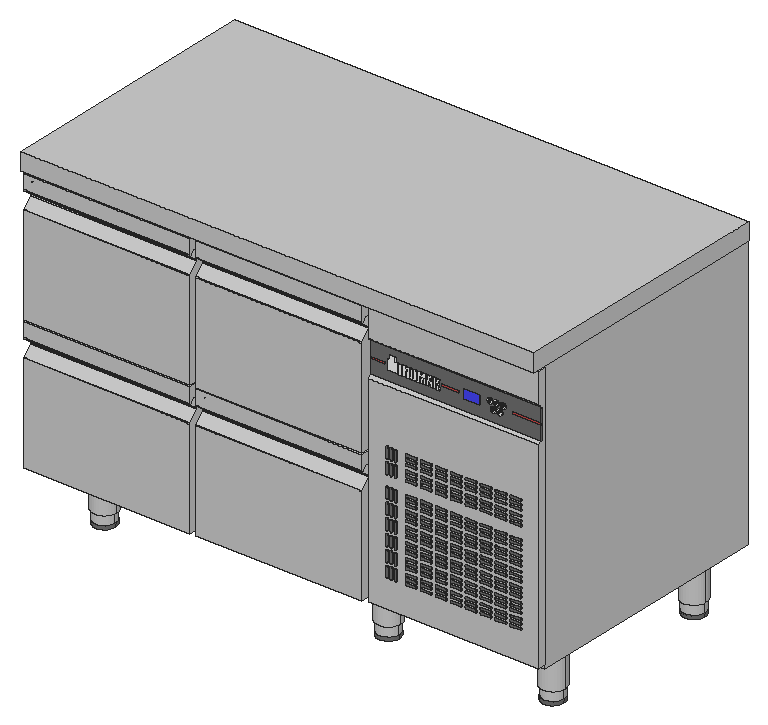
Revit family "QF_INOMAK_PNRP99_250611032759", category Specialty Equipment, Revit 2021 (continued)
Definition of nested family "QF_INOMAK_REF_COUNTERS_DOORS_DRAWERS_6956"
  Definition of nested family "3_Drawers_1-3"
    Forms (mm)
      Extrusion 6, solid, material <- "Finish", visible <- "3 Drawers"
        sketch origin (35, 0, -441.333) x (0, -1, 0) y (0, 0, 1)
          loop
            arc (666.663, 824.096) -> (665.976, 825.125) -> (665.734, 826.339) r 3.172
            line (665.734, 826.339) -> (665.734, 857.243)
            arc (665.734, 857.243) -> (666.433, 858.929) -> (668.119, 859.628) r 2.385
            line (668.119, 859.628) -> (680.029, 859.628) -> (686.544, 850.324)
            arc (686.544, 850.324) -> (688.671, 849.602) -> (690, 851.414) r 1.9
            line (690, 851.414) -> (690, 889.333) -> (648, 889.333) -> (648, 595.333) -> (690, 595.333)
        from 0 to -1130
    Lines and regions (mm)
      symbolic lines, visible <- "3 Drawers"
        curve 1: line (35, -850, 900) -> (35, -890, 900)
        curve 2: line (35, -890, 900) -> (1165, -890, 900)
        curve 3: line (1165, -890, 900) -> (1165, -850, 900)
        curve 4: line (1165, -850, 900) -> (35, -850, 900)
        curve 5: line (1135, -850, 900) -> (1135, -700, 900)
        curve 6: line (65, -850, 900) -> (65, -700, 900)
        curve 7: line (35, -1040, 900) -> (35, -1080, 900)
        curve 8: line (35, -1080, 900) -> (1165, -1080, 900)
        curve 9: line (1165, -1080, 900) -> (1165, -1040, 900)
        curve 10: line (1165, -1040, 900) -> (35, -1040, 900)
        curve 11: line (1135, -1040, 900) -> (1135, -890, 900)
        curve 12: line (65, -1040, 900) -> (65, -890, 900)
        curve 13: line (35, -1225, 900) -> (35, -1265, 900)
        curve 14: line (35, -1265, 900) -> (1165, -1265, 900)
        curve 15: line (1165, -1265, 900) -> (1165, -1225, 900)
        curve 16: line (1165, -1225, 900) -> (35, -1225, 900)
        curve 17: line (1135, -1225, 900) -> (1135, -1080, 900)
        curve 18: line (65, -1225, 900) -> (65, -1080, 900)
    Dimensions and locks
      "Length Actual": plane 3 "Left" to plane 4 "Right"
      "Depth Actual": plane 5 "Front" to plane 1 "Back"
      "Height Actual": plane 6 "Top" to plane 8 "Legs top"
      "Front inset": plane 7 "Front legs" to plane 5 "Front"
      "Plinth height": plane 8 "Legs top" to plane 2
      "Rear inset": plane 9 "Backsplash thickness" to plane 1 "Back"
      "Right panel thickness": plane 11 "Right panel" to plane 4 "Right"
      "Left panel thickness": plane 3 "Left" to plane 10 "Left panel"
      plane 14 to plane 15 = 4.667 mm
      equal spacing: plane 14, plane 12, plane 15
      locked: plane 16 to plane 13 at 2
      equal spacing: plane 18, plane 17, plane 19
      plane 18 to plane 19 = 5.333 mm
      "Bottom inset": plane 20 to plane 8 "Legs top"
      equal spacing: plane 21, plane 17, plane 12, plane 16
      "Top inset": plane 13 to plane 6 "Top"
      locked: plane 21 to plane 20 at 2
      aligned and locked: level to plane 2
      aligned and locked: Extrusion 1 to plane 11 "Right panel"
      aligned and locked: plane 10 "Left panel" to curve 1
      aligned and locked: plane 10 "Left panel" to curve 7
      aligned and locked: plane 10 "Left panel" to curve 13
      aligned and locked: Extrusion 2 sketch curve to plane 10 "Left panel"
      aligned and locked: plane 11 "Right panel" to Extrusion 2 sketch curve
      aligned and locked: Extrusion 3 sketch curve to plane 10 "Left panel"
      aligned and locked: plane 11 "Right panel" to Extrusion 3 sketch curve
      aligned and locked: Extrusion 4 sketch curve to plane 10 "Left panel"
      aligned and locked: plane 11 "Right panel" to Extrusion 4 sketch curve
      aligned and locked: Extrusion 2 to plane 13
      aligned and locked: Extrusion 3 to plane 15
      aligned and locked: Extrusion 4 to plane 19
      aligned and locked: Extrusion 5 to plane 11 "Right panel"
      aligned and locked: Extrusion 6 to plane 11 "Right panel"
      aligned and locked: Extrusion 1 sketch curve to plane 13
      aligned and locked: Extrusion 1 sketch curve to plane 7 "Front legs"
      aligned and locked: plane 18 to Extrusion 5 sketch curve
      aligned and locked: Extrusion 6 sketch curve to Extrusion 4  (x2)
      aligned and locked: Extrusion 5 sketch curve to plane 15
      aligned and locked: Extrusion 4 to Extrusion 5 sketch curve
      aligned and locked: Extrusion 6 sketch curve to plane 19
      aligned and locked: Extrusion 6 sketch curve to plane 20
    Automatic sketch dimensions
      Extrusion 2 sketch curve to plane 7 "Front legs" = 0 mm
      Extrusion 2 sketch curve to plane 5 "Front" = 565.045 mm
      Extrusion 3 sketch curve to plane 7 "Front legs" = 0 mm
      Extrusion 3 sketch curve to plane 5 "Front" = 565.045 mm
      Extrusion 4 sketch curve to plane 7 "Front legs" = 0 mm
      Extrusion 4 sketch curve to plane 5 "Front" = 565.045 mm
      curve 14 to plane 11 "Right panel" = 0 mm
      curve 8 to plane 11 "Right panel" = 0 mm
      curve 3 to plane 11 "Right panel" = 0 mm
      curve 6 to plane 5 "Front" = 0 mm
      curve 5 to plane 5 "Front" = 0 mm
      curve 1 to plane 5 "Front" = 150 mm
      curve 2 to curve 3 = 40 mm
      curve 10 to curve 1 = 150 mm
      curve 9 to curve 9 = 40 mm
      curve 13 to curve 7 = 145 mm
      curve 14 to curve 13 = 40 mm
      curve 3 to curve 5 = 30 mm
      curve 15 to curve 17 = 30 mm
      curve 11 to curve 17 = 0 mm
      curve 6 to plane 10 "Left panel" = 30 mm
      curve 18 to plane 10 "Left panel" = 30 mm
      curve 12 to curve 18 = 0 mm
      Extrusion 1 sketch curve to plane 14 = 0 mm
      Extrusion 1 sketch curve to plane 7 "Front legs" = 0 mm
      plane 7 "Front legs" to Extrusion 1 sketch curve = 0.515 mm
      plane 7 "Front legs" to Extrusion 1 sketch curve = 1.757 mm
      plane 7 "Front legs" to Extrusion 1 sketch curve = 1.9 mm
      Extrusion 1 sketch curve to Extrusion 1 sketch curve = 1.556 mm
      plane 7 "Front legs" to Extrusion 1 sketch curve = 9.971 mm
      plane 7 "Front legs" to Extrusion 1 sketch curve = 21.094 mm
      Extrusion 1 sketch curve to Extrusion 1 sketch curve = 11.91 mm
      Extrusion 1 sketch curve to Extrusion 1 sketch curve = 2.243 mm
      Extrusion 1 sketch curve to Extrusion 1 sketch curve = 2.385 mm
      Extrusion 1 sketch curve to Extrusion 1 sketch curve = 20.119 mm
      plane 13 to Extrusion 1 sketch curve = 85.635 mm
      Extrusion 1 sketch curve to Extrusion 1 sketch curve = 22.822 mm
      Extrusion 1 sketch curve to Extrusion 1 sketch curve = 19.985 mm
      Extrusion 1 sketch curve to Extrusion 1 sketch curve = 6.919 mm
      plane 15 to Extrusion 5 sketch curve = 59.328 mm
      Extrusion 5 sketch curve to Extrusion 5 sketch curve = 17.734 mm
      plane 15 to Extrusion 5 sketch curve = 61.571 mm
      Extrusion 5 sketch curve to Extrusion 5 sketch curve = 0.929 mm
      Extrusion 5 sketch curve to Extrusion 5 sketch curve = 2.385 mm
      Extrusion 5 sketch curve to Extrusion 5 sketch curve = 11.91 mm
      Extrusion 5 sketch curve to Extrusion 5 sketch curve = 6.515 mm
      Extrusion 5 sketch curve to Extrusion 5 sketch curve = 1.556 mm
      Extrusion 5 sketch curve to Extrusion 5 sketch curve = 21.58 mm
      plane 15 to Extrusion 5 sketch curve = 84.393 mm
      Extrusion 5 sketch curve to Extrusion 5 sketch curve = 1.242 mm
      Extrusion 5 sketch curve to Extrusion 5 sketch curve = 1.9 mm
      Extrusion 5 sketch curve to Extrusion 5 sketch curve = 0.515 mm
      Extrusion 5 sketch curve to Extrusion 5 sketch curve = 6.919 mm
      Extrusion 5 sketch curve to Extrusion 5 sketch curve = 30.039 mm
      plane 7 "Front legs" to Extrusion 6 sketch curve = 0.515 mm
      plane 7 "Front legs" to Extrusion 6 sketch curve = 1.757 mm
      plane 7 "Front legs" to Extrusion 6 sketch curve = 1.9 mm
      Extrusion 6 sketch curve to Extrusion 6 sketch curve = 1.556 mm
      plane 7 "Front legs" to Extrusion 6 sketch curve = 9.971 mm
      plane 7 "Front legs" to Extrusion 6 sketch curve = 21.094 mm
      Extrusion 6 sketch curve to Extrusion 6 sketch curve = 11.91 mm
      Extrusion 6 sketch curve to Extrusion 6 sketch curve = 2.243 mm
      Extrusion 6 sketch curve to Extrusion 6 sketch curve = 2.385 mm
      Extrusion 6 sketch curve to Extrusion 6 sketch curve = 20.119 mm
      plane 19 to Extrusion 6 sketch curve = 89.302 mm
      Extrusion 6 sketch curve to Extrusion 6 sketch curve = 22.822 mm
      Extrusion 6 sketch curve to Extrusion 6 sketch curve = 23.985 mm
      Extrusion 6 sketch curve to Extrusion 6 sketch curve = 6.919 mm
  Definition of nested family "2_Drawers_1-2"
    Parameters (values of type "2 Drawers 1-2")
      URL = "www.specifiglobal.com"
      Top inset [instance] = 4 mm
      Right panel thickness [instance] = 35 mm
      Rear inset [instance] = 10 mm
      Plinth height [instance] = 150 mm
      Model = ""
      Manufacturer = "DEMO CONSULTANT"
      Length Actual [instance] = 1200 mm
      Left panel thickness [instance] = 35 mm
      Height Actual [instance] = 900 mm
      Front inset [instance] = 10 mm
      Finish = none
      Doors drawers type [instance] = 4
      Description = ""
      Depth Actual [instance] = 700 mm
      Default Elevation = 0 mm
      Bottom inset [instance] = 4 mm
      Assembly Code = "E1090320"
      2 Drawers [instance] = Doors drawers type = 4  # yes
    Reference planes
      plane 1 "Back": y = 0
      plane 2: z = 0
      plane 3 "Left": x = 0
      plane 4 "Right": x = 1200
      plane 5 "Front": y = -700
      plane 6 "Top": z = 1050
      plane 7 "Front legs": y = -690
      plane 8 "Legs top": z = 150
      plane 9 "Backsplash thickness": y = -10
      plane 10 "Left panel": x = 35
      plane 11 "Right panel": x = 1165
      plane 12: z = 600
      plane 13: z = 1046
      plane 14: z = 602
      plane 15: z = 598
      plane 16: z = 154
    Forms (mm)
      Extrusion 1, solid, material <- "Finish", visible <- "2 Drawers"
        sketch origin (35, 0, 0) x (0, -1, 0) y (0, 0, 1)
          loop
            line (690, 602) -> (690, 960.365)
            arc (690, 960.365) -> (689.866, 961.037) -> (689.485, 961.607) r 1.757
            line (689.485, 961.607) -> (666.663, 984.429)
            arc (666.663, 984.429) -> (665.976, 985.458) -> (665.734, 986.672) r 3.172
            line (665.734, 986.672) -> (665.734, 1013.576)
            arc (665.734, 1013.576) -> (666.433, 1015.262) -> (668.119, 1015.961) r 2.385
            line (668.119, 1015.961) -> (680.029, 1015.961) -> (686.544, 1006.657)
            arc (686.544, 1006.657) -> (688.671, 1005.935) -> (690, 1007.747) r 1.9
            line (690, 1007.747) -> (690, 1046) -> (648, 1046) -> (648, 602) -> (690, 602)
        from 0 to -1130
      Extrusion 2, solid, visible <- "2 Drawers", detail levels coarse
        sketch origin (0, -640.463, 602) x (0, 1, 0) y (-1, 0, 0)
          loop
            line (-49.537, -35) -> (-624.537, -35) -> (-624.537, -1165) -> (-49.537, -1165) -> (-49.537, -35)
        from 0 to 444
      Extrusion 3, solid, visible <- "2 Drawers", detail levels coarse
        sketch origin (0, -700, 154) x (-1, 0, 0) y (0, 1, 0)
          loop
            line (-35, 10) -> (-1165, 10) -> (-1165, -565) -> (-35, -565) -> (-35, 10)
        from 0 to -444
      Extrusion 4, solid, material <- "Finish", visible <- "2 Drawers"
        sketch origin (35, 0, -441.333) x (0, -1, 0) y (0, 0, 1)
          loop
            line (690, 595.333) -> (690, 953.698)
            arc (690, 953.698) -> (689.866, 954.37) -> (689.485, 954.94) r 1.757
            line (689.485, 954.94) -> (666.663, 977.763)
            arc (666.663, 977.763) -> (665.976, 978.792) -> (665.734, 980.006) r 3.172
            line (665.734, 980.006) -> (665.734, 1006.909)
            arc (665.734, 1006.909) -> (666.433, 1008.596) -> (668.119, 1009.294) r 2.385
            line (668.119, 1009.294) -> (680.029, 1009.294) -> (686.544, 999.991)
            arc (686.544, 999.991) -> (688.671, 999.268) -> (690, 1001.08) r 1.9
            line (690, 1001.08) -> (690, 1039.333) -> (648, 1039.333) -> (648, 595.333) -> (690, 595.333)
        from 0 to -1130
    Lines and regions (mm)
      symbolic lines, visible <- "2 Drawers"
        curve 1: line (35, -940, 900) -> (35, -980, 900)
        curve 2: line (35, -980, 900) -> (1165, -980, 900)
        curve 3: line (1165, -980, 900) -> (1165, -940, 900)
        curve 4: line (1165, -940, 900) -> (35, -940, 900)
        curve 5: line (1135, -940, 900) -> (1135, -700, 900)
        curve 6: line (65, -940, 900) -> (65, -700, 900)
        curve 7: line (35, -1225, 900) -> (35, -1265, 900)
        curve 8: line (35, -1265, 900) -> (1165, -1265, 900)
        curve 9: line (1165, -1265, 900) -> (1165, -1225, 900)
        curve 10: line (1165, -1225, 900) -> (35, -1225, 900)
        curve 11: line (1135, -1225, 900) -> (1135, -980, 900)
        curve 12: line (65, -1225, 900) -> (65, -980, 900)
    Dimensions and locks
      "Length Actual": plane 3 "Left" to plane 4 "Right"
      "Depth Actual": plane 5 "Front" to plane 1 "Back"
      "Height Actual": plane 6 "Top" to plane 8 "Legs top"
      "Front inset": plane 7 "Front legs" to plane 5 "Front"
      "Plinth height": plane 8 "Legs top" to plane 2
      "Rear inset": plane 9 "Backsplash thickness" to plane 1 "Back"
      "Right panel thickness": plane 11 "Right panel" to plane 4 "Right"
      "Left panel thickness": plane 3 "Left" to plane 10 "Left panel"
      "Top inset": plane 6 "Top" to plane 13
      "Bottom inset": plane 16 to plane 8 "Legs top"
      equal spacing: plane 16, plane 12, plane 13
      locked: plane 14 to plane 12 at 2
      locked: plane 15 to plane 12 at 2
      aligned and locked: level to plane 2
      aligned and locked: Extrusion 1 to plane 11 "Right panel"
      aligned and locked: plane 10 "Left panel" to curve 1
      aligned and locked: plane 10 "Left panel" to curve 7
      aligned and locked: Extrusion 2 sketch curve to plane 10 "Left panel"
      aligned and locked: plane 11 "Right panel" to Extrusion 2 sketch curve
      aligned and locked: Extrusion 3 sketch curve to plane 10 "Left panel"
      aligned and locked: plane 11 "Right panel" to Extrusion 3 sketch curve
      aligned and locked: Extrusion 2 to plane 13
      aligned and locked: Extrusion 4 to plane 11 "Right panel"
      aligned and locked: Extrusion 3 to plane 15
      aligned and locked: Extrusion 1 sketch curve to plane 13
      aligned and locked: Extrusion 1 sketch curve to plane 7 "Front legs"
      aligned and locked: plane 14 to Extrusion 1 sketch curve
      aligned and locked: Extrusion 4 sketch curve to plane 15
      aligned and locked: Extrusion 4 sketch curve to plane 7 "Front legs"
      aligned and locked: Extrusion 4 sketch curve to plane 16
    Automatic sketch dimensions
      Extrusion 2 sketch curve to plane 7 "Front legs" = 0 mm
      Extrusion 2 sketch curve to plane 5 "Front" = 565 mm
      Extrusion 3 sketch curve to plane 7 "Front legs" = 0 mm
      Extrusion 3 sketch curve to plane 5 "Front" = 565 mm
      curve 9 to plane 11 "Right panel" = 0 mm
      curve 2 to plane 11 "Right panel" = 0 mm
      curve 5 to plane 5 "Front" = 0 mm
      curve 6 to plane 5 "Front" = 0 mm
      curve 1 to plane 5 "Front" = 240 mm
      curve 3 to curve 3 = 40 mm
      curve 7 to curve 1 = 245 mm
      curve 8 to curve 9 = 40 mm
      plane 11 "Right panel" to curve 5 = 30 mm
      curve 2 to curve 11 = 30 mm
      curve 6 to plane 10 "Left panel" = 30 mm
      curve 12 to plane 10 "Left panel" = 30 mm
      Extrusion 1 sketch curve to Extrusion 1 sketch curve = 17.734 mm
      Extrusion 1 sketch curve to Extrusion 1 sketch curve = 0.929 mm
      Extrusion 1 sketch curve to Extrusion 1 sketch curve = 2.385 mm
      Extrusion 1 sketch curve to Extrusion 1 sketch curve = 3.172 mm
      Extrusion 1 sketch curve to Extrusion 1 sketch curve = 11.91 mm
      Extrusion 1 sketch curve to Extrusion 1 sketch curve = 6.515 mm
      Extrusion 1 sketch curve to Extrusion 1 sketch curve = 1.556 mm
      Extrusion 1 sketch curve to Extrusion 1 sketch curve = 21.58 mm
      Extrusion 1 sketch curve to Extrusion 1 sketch curve = 1.242 mm
      Extrusion 1 sketch curve to Extrusion 1 sketch curve = 1.9 mm
      Extrusion 1 sketch curve to Extrusion 1 sketch curve = 0.515 mm
      Extrusion 1 sketch curve to Extrusion 1 sketch curve = 22.822 mm
      Extrusion 1 sketch curve to Extrusion 1 sketch curve = 19.985 mm
      Extrusion 1 sketch curve to Extrusion 1 sketch curve = 6.919 mm
      Extrusion 1 sketch curve to Extrusion 1 sketch curve = 30.039 mm
      Extrusion 4 sketch curve to plane 7 "Front legs" = 0 mm
      plane 7 "Front legs" to Extrusion 4 sketch curve = 0.515 mm
      plane 7 "Front legs" to Extrusion 4 sketch curve = 1.757 mm
      plane 7 "Front legs" to Extrusion 4 sketch curve = 1.9 mm
      Extrusion 4 sketch curve to Extrusion 4 sketch curve = 1.556 mm
      plane 7 "Front legs" to Extrusion 4 sketch curve = 9.971 mm
      plane 7 "Front legs" to Extrusion 4 sketch curve = 21.094 mm
      Extrusion 4 sketch curve to Extrusion 4 sketch curve = 11.91 mm
      Extrusion 4 sketch curve to Extrusion 4 sketch curve = 2.243 mm
      Extrusion 4 sketch curve to Extrusion 4 sketch curve = 2.385 mm
      Extrusion 4 sketch curve to Extrusion 4 sketch curve = 20.119 mm
      Extrusion 4 sketch curve to Extrusion 4 sketch curve = 22.822 mm
      Extrusion 4 sketch curve to Extrusion 4 sketch curve = 19.985 mm
      Extrusion 4 sketch curve to Extrusion 4 sketch curve = 6.919 mm
      Extrusion 4 sketch curve to Extrusion 4 sketch curve = 30.039 mm
  Definition of nested family "2_Drawers_1-3_2-3"
    Parameters (values of type "2 Drawers 1-3 and 2-3")
      URL = "www.specifiglobal.com"
      Top inset [instance] = 4 mm
      Right panel thickness [instance] = 35 mm
      Rear inset [instance] = 10 mm
      Plinth height [instance] = 150 mm
      Model = ""
      Manufacturer = "DEMO CONSULTANT"
      Length Actual [instance] = 1200 mm
      Left panel thickness [instance] = 35 mm
      Height Actual [instance] = 900 mm
      Front inset [instance] = 10 mm
      Finish = none
      Doors drawers type [instance] = 5
      Description = ""
      Depth Actual [instance] = 700 mm
      Default Elevation = 0 mm
      Bottom inset [instance] = 4 mm
      Assembly Code = "E1090320"
      2 Drawers 1-3 and 2-3 [instance] = Doors drawers type = 5  # yes
    Reference planes
      plane 1 "Back": y = 0
      plane 2: z = 0
      plane 3 "Left": x = 0
      plane 4 "Right": x = 1200
      plane 5 "Front": y = -700
      plane 6 "Top": z = 1050
      plane 7 "Front legs": y = -690
      plane 8 "Legs top": z = 150
      plane 9 "Backsplash thickness": y = -10
      plane 10 "Left panel": x = 35
      plane 11 "Right panel": x = 1165
      plane 12: z = 1046
      plane 13: z = 751.833
      plane 14: z = 746.833
      plane 15: z = 154
      plane 16: z = 450.667
      plane 17: z = 152
      plane 18: z = 1048
      plane 19: z = 749.333
    Forms (mm)
      Extrusion 1, solid, material <- "Finish", visible <- "2 Drawers 1-3 and 2-3"
        sketch origin (35, 0, 0) x (0, -1, 0) y (0, 0, 1)
          loop
            line (690, 751.833) -> (690, 960.365)
            arc (690, 960.365) -> (689.866, 961.037) -> (689.485, 961.607) r 1.757
            line (689.485, 961.607) -> (666.663, 984.429)
            arc (666.663, 984.429) -> (665.976, 985.458) -> (665.734, 986.672) r 3.172
            line (665.734, 986.672) -> (665.734, 1013.576)
            arc (665.734, 1013.576) -> (666.433, 1015.262) -> (668.119, 1015.961) r 2.385
            line (668.119, 1015.961) -> (680.029, 1015.961) -> (686.544, 1006.657)
            arc (686.544, 1006.657) -> (688.671, 1005.935) -> (690, 1007.747) r 1.9
            line (690, 1007.747) -> (690, 1046) -> (648, 1046) -> (648, 751.833) -> (690, 751.833)
        from 0 to -1130
      Extrusion 2, solid, visible <- "2 Drawers 1-3 and 2-3", detail levels coarse
        sketch origin (0, -640.463, 751.833) x (0, 1, 0) y (-1, 0, 0)
          loop
            line (-49.537, -35) -> (-624.537, -35) -> (-624.537, -1165) -> (-49.537, -1165) -> (-49.537, -35)
        from 0 to 294.167
      Extrusion 3, solid, visible <- "2 Drawers 1-3 and 2-3", detail levels coarse
        sketch origin (0, -700, 154) x (-1, 0, 0) y (0, 1, 0)
          loop
            line (-35, 10) -> (-1165, 10) -> (-1165, -565) -> (-35, -565) -> (-35, 10)
        from 0 to -592.833
      Extrusion 4, solid, material <- "Finish", visible <- "2 Drawers 1-3 and 2-3"
        sketch origin (35, 0, -441.333) x (0, -1, 0) y (0, 0, 1)
          loop
            line (690, 595.333) -> (690, 1101.698)
            arc (690, 1101.698) -> (689.866, 1102.37) -> (689.485, 1102.94) r 1.757
            line (689.485, 1102.94) -> (666.663, 1126.596)
            arc (666.663, 1126.596) -> (665.976, 1127.625) -> (665.734, 1128.839) r 3.172
            line (665.734, 1128.839) -> (665.734, 1155.743)
            arc (665.734, 1155.743) -> (666.433, 1157.429) -> (668.119, 1158.128) r 2.385
            line (668.119, 1158.128) -> (680.029, 1158.128) -> (686.544, 1148.824)
            arc (686.544, 1148.824) -> (688.671, 1148.102) -> (690, 1149.914) r 1.9
            line (690, 1149.914) -> (690, 1188.167) -> (648, 1188.167) -> (648, 595.333) -> (690, 595.333)
        from 0 to -1130
    Lines and regions (mm)
      symbolic lines, visible <- "2 Drawers 1-3 and 2-3"
        curve 1: line (35, -1000, 900) -> (35, -1040, 900)
        curve 2: line (35, -1040, 900) -> (1165, -1040, 900)
        curve 3: line (1165, -1040, 900) -> (1165, -1000, 900)
        curve 4: line (1165, -1000, 900) -> (35, -1000, 900)
        curve 5: line (1135, -1000, 900) -> (1135, -700, 900)
        curve 6: line (65, -1000, 900) -> (65, -700, 900)
        curve 7: line (35, -1225, 900) -> (35, -1265, 900)
        curve 8: line (35, -1265, 900) -> (1165, -1265, 900)
        curve 9: line (1165, -1265, 900) -> (1165, -1225, 900)
        curve 10: line (1165, -1225, 900) -> (35, -1225, 900)
        curve 11: line (1135, -1225, 900) -> (1135, -1040, 900)
        curve 12: line (65, -1225, 900) -> (65, -1040, 900)
    Dimensions and locks
      "Length Actual": plane 3 "Left" to plane 4 "Right"
      "Depth Actual": plane 5 "Front" to plane 1 "Back"
      "Height Actual": plane 6 "Top" to plane 8 "Legs top"
      "Front inset": plane 7 "Front legs" to plane 5 "Front"
      "Plinth height": plane 8 "Legs top" to plane 2
      "Rear inset": plane 9 "Backsplash thickness" to plane 1 "Back"
      "Right panel thickness": plane 11 "Right panel" to plane 4 "Right"
      "Left panel thickness": plane 3 "Left" to plane 10 "Left panel"
      "Top inset": plane 6 "Top" to plane 12
      locked: plane 13 to plane 14 at 5
      "Bottom inset": plane 15 to plane 8 "Legs top"
      equal spacing: plane 17, plane 16, plane 19, plane 18
      equal spacing: plane 12, plane 18, plane 6 "Top"
      equal spacing: plane 14, plane 19, plane 13
      equal spacing: plane 15, plane 17, plane 8 "Legs top"
      aligned and locked: level to plane 2
      aligned and locked: Extrusion 1 to plane 11 "Right panel"
      aligned and locked: plane 10 "Left panel" to curve 1
      aligned and locked: plane 10 "Left panel" to curve 7
      aligned and locked: Extrusion 2 sketch curve to plane 10 "Left panel"
      aligned and locked: plane 11 "Right panel" to Extrusion 2 sketch curve
      aligned and locked: Extrusion 3 sketch curve to plane 10 "Left panel"
      aligned and locked: plane 11 "Right panel" to Extrusion 3 sketch curve
      aligned and locked: Extrusion 2 to plane 12
      aligned and locked: Extrusion 4 to plane 11 "Right panel"
      aligned and locked: Extrusion 3 to plane 14
      aligned and locked: plane 13 to Extrusion 1 sketch curve
      aligned and locked: Extrusion 2 to Extrusion 1 sketch curve
      aligned and locked: Extrusion 3 to Extrusion 4 sketch curve
      aligned and locked: Extrusion 4 sketch curve to Extrusion 3  (x2)
      aligned and locked: Extrusion 1 sketch curve to plane 7 "Front legs"
    Automatic sketch dimensions
      Extrusion 2 sketch curve to plane 7 "Front legs" = 0 mm
      Extrusion 2 sketch curve to plane 5 "Front" = 565 mm
      Extrusion 3 sketch curve to plane 7 "Front legs" = 0 mm
      Extrusion 3 sketch curve to plane 5 "Front" = 565 mm
      curve 9 to plane 11 "Right panel" = 0 mm
      curve 2 to plane 11 "Right panel" = 0 mm
      curve 5 to plane 5 "Front" = 0 mm
      curve 6 to plane 5 "Front" = 0 mm
      curve 1 to plane 5 "Front" = 300 mm
      curve 3 to curve 3 = 40 mm
      curve 7 to curve 1 = 185 mm
      curve 8 to curve 9 = 40 mm
      plane 11 "Right panel" to curve 5 = 30 mm
      curve 11 to curve 5 = 0 mm
      curve 6 to plane 10 "Left panel" = 30 mm
      curve 12 to curve 6 = 0 mm
      Extrusion 1 sketch curve to plane 7 "Front legs" = 0 mm
      plane 7 "Front legs" to Extrusion 1 sketch curve = 0.515 mm
      plane 7 "Front legs" to Extrusion 1 sketch curve = 1.757 mm
      plane 7 "Front legs" to Extrusion 1 sketch curve = 1.9 mm
      Extrusion 1 sketch curve to Extrusion 1 sketch curve = 1.556 mm
      plane 7 "Front legs" to Extrusion 1 sketch curve = 9.971 mm
      plane 7 "Front legs" to Extrusion 1 sketch curve = 21.094 mm
      Extrusion 1 sketch curve to Extrusion 1 sketch curve = 11.91 mm
      Extrusion 1 sketch curve to Extrusion 1 sketch curve = 2.243 mm
      Extrusion 1 sketch curve to Extrusion 1 sketch curve = 2.385 mm
      Extrusion 1 sketch curve to Extrusion 1 sketch curve = 20.119 mm
      plane 12 to Extrusion 1 sketch curve = 85.635 mm
      Extrusion 1 sketch curve to Extrusion 1 sketch curve = 22.822 mm
      Extrusion 1 sketch curve to Extrusion 1 sketch curve = 19.985 mm
      Extrusion 1 sketch curve to Extrusion 1 sketch curve = 6.919 mm
      plane 12 to Extrusion 1 sketch curve = 0 mm
      Extrusion 4 sketch curve to plane 7 "Front legs" = 0 mm
      plane 7 "Front legs" to Extrusion 4 sketch curve = 0.515 mm
      plane 7 "Front legs" to Extrusion 4 sketch curve = 1.9 mm
      Extrusion 4 sketch curve to Extrusion 4 sketch curve = 1.556 mm
      plane 7 "Front legs" to Extrusion 4 sketch curve = 9.971 mm
      plane 7 "Front legs" to Extrusion 4 sketch curve = 21.094 mm
      Extrusion 4 sketch curve to Extrusion 4 sketch curve = 11.91 mm
      Extrusion 4 sketch curve to Extrusion 4 sketch curve = 2.243 mm
      Extrusion 4 sketch curve to Extrusion 4 sketch curve = 2.385 mm
      Extrusion 4 sketch curve to Extrusion 4 sketch curve = 20.119 mm
      Extrusion 4 sketch curve to Extrusion 4 sketch curve = 86.469 mm
      Extrusion 4 sketch curve to Extrusion 4 sketch curve = 23.656 mm
      Extrusion 4 sketch curve to Extrusion 4 sketch curve = 19.985 mm
      Extrusion 4 sketch curve to Extrusion 4 sketch curve = 6.919 mm
      plane 7 "Front legs" to Extrusion 4 sketch curve = 1.757 mm
  Definition of nested family "Sliding_Doors"
    Parameters (values of type "Sliding doors")
      URL = "www.specifiglobal.com"
      Top inset [instance] = 4 mm
      Sliding doors [instance] = Doors drawers type = 2  # yes
      Right panel thickness [instance] = 35 mm
      Rear inset [instance] = 10 mm
      Plinth height [instance] = 150 mm
      Model = ""
      Manufacturer = "DEMO CONSULTANT"
      Length Actual [instance] = 1200 mm
      Left panel thickness [instance] = 35 mm
      Height Actual [instance] = 900 mm
      Front inset [instance] = 10 mm
      Finish [instance] = none
      Doors drawers type [instance] = 2
      Description = ""
      Depth Actual [instance] = 700 mm
      Default Elevation = 0 mm
      Bottom inset [instance] = 4 mm
      Assembly Code = "E1090320"
    Reference planes
      plane 1 "Back": y = 0
      plane 2: z = 0
      plane 3 "Left": x = 0
      plane 4 "Right": x = 1200
      plane 5 "Front": y = -700
      plane 6 "Top": z = 1050
      plane 7 "Front legs": y = -690
      plane 8 "Legs top": z = 150
      plane 9 "Backsplash thickness": y = -10
      plane 10: x = 35
      plane 11: x = 1165
      plane 12 "Center Left-Right": x = 600
      plane 13: z = 154
      plane 14: z = 1046
    Forms (mm)
      Extrusion 1, solid, material <- "Finish", visible <- "Sliding doors"
        sketch origin (0, -690, 154) x (-1, 0, 0) y (0, 1, 0)
          loop
            line (-35, 10) -> (-35, 20) -> (-620, 20) -> (-620, 0) -> (-91.156, 0)
            arc (-91.156, 0) -> (-85.272, 0.885) -> (-79.91, 3.461) r 20
            line (-79.91, 3.461) -> (-60, 17) -> (-38, 17) -> (-38, 10)
            arc (-38, 10) -> (-40.05, 5.05) -> (-45, 3) r 7
            line (-45, 3) -> (-50.012, 3) -> (-50.012, 0) -> (-45, 0)
            arc (-45, 0) -> (-37.929, 2.929) -> (-35, 10) r 10
        from 0 to -892
      Extrusion 2, solid, material <- "Finish", visible <- "Sliding doors"
        sketch origin (0, -689, 154) x (-1, 0, 0) y (0, 1, 0)
          loop
            arc (-1065, 30) -> (-1062.071, 22.929) -> (-1055, 20) r 10
            line (-1055, 20) -> (-1049.988, 20) -> (-1049.988, 23) -> (-1055, 23)
            arc (-1055, 23) -> (-1059.95, 25.05) -> (-1062, 30) r 7
            line (-1062, 30) -> (-1062, 37) -> (-1040, 37) -> (-1020.09, 23.461)
            arc (-1020.09, 23.461) -> (-1014.728, 20.885) -> (-1008.844, 20) r 20
            line (-1008.844, 20) -> (-480, 20) -> (-480, 40) -> (-1065, 40) -> (-1065, 30)
        from 0 to -892
    Lines and regions (mm)
      symbolic lines, visible <- "Sliding doors"
        curve 1: line (1065, -649, 150) -> (480, -649, 150)
        curve 2: line (1065, -669, 150) -> (1065, -649, 150)
        curve 3: line (480, -669, 150) -> (1065, -669, 150)
        curve 4: line (480, -649, 150) -> (480, -669, 150)
        curve 5: line (620, -690, 150) -> (35, -690, 150)
        curve 6: line (620, -670, 150) -> (620, -690, 150)
        curve 7: line (35, -670, 150) -> (620, -670, 150)
        curve 8: line (35, -690, 150) -> (35, -670, 150)
    Dimensions and locks
      "Length Actual": plane 3 "Left" to plane 4 "Right"
      "Depth Actual": plane 5 "Front" to plane 1 "Back"
      "Height Actual": plane 6 "Top" to plane 8 "Legs top"
      "Front inset": plane 7 "Front legs" to plane 5 "Front"
      "Plinth height": plane 8 "Legs top" to plane 2
      "Rear inset": plane 9 "Backsplash thickness" to plane 1 "Back"
      "Right panel thickness": plane 11 to plane 4 "Right"
      "Left panel thickness": plane 3 "Left" to plane 10
      equal spacing: plane 10, plane 12 "Center Left-Right", plane 11
      "Top inset": plane 6 "Top" to plane 14
      "Bottom inset": plane 13 to plane 8 "Legs top"
      locked: plane 12 "Center Left-Right" to curve 4 at 120
      locked: plane 12 "Center Left-Right" to curve 5 at 20
      locked: plane 11 to curve 1 at 100
      aligned and locked: level to plane 2
      aligned and locked: Extrusion 1 sketch curve to plane 7 "Front legs"
      aligned and locked: Extrusion 1 sketch curve to plane 10
      aligned and locked: Extrusion 1 to plane 14
      aligned and locked: Extrusion 2 to plane 14
      aligned and locked: curve 8 to plane 10
    Automatic sketch dimensions
      Extrusion 2 sketch curve to Extrusion 2 sketch curve = 0 mm  (x2)
      plane 11 to Extrusion 2 sketch curve = 100 mm
      Extrusion 2 sketch curve to Extrusion 2 sketch curve = 3 mm
      Extrusion 2 sketch curve to Extrusion 2 sketch curve = 7 mm  (x2)
      Extrusion 2 sketch curve to Extrusion 2 sketch curve = 5.012 mm
      plane 7 "Front legs" to Extrusion 2 sketch curve = 38 mm
      Extrusion 2 sketch curve to Extrusion 2 sketch curve = 15 mm
      plane 7 "Front legs" to Extrusion 2 sketch curve = 24.461 mm
      Extrusion 2 sketch curve to Extrusion 2 sketch curve = 19.91 mm
      Extrusion 2 sketch curve to Extrusion 2 sketch curve = 11.246 mm
      Extrusion 2 sketch curve to plane 12 "Center Left-Right" = 120 mm
      Extrusion 2 sketch curve to Extrusion 2 sketch curve = 16.539 mm
      Extrusion 2 sketch curve to Extrusion 2 sketch curve = 20 mm
      Extrusion 1 sketch curve to Extrusion 1 sketch curve = 0 mm  (x2)
      Extrusion 1 sketch curve to plane 7 "Front legs" = 0 mm
      Extrusion 1 sketch curve to plane 10 = 3 mm
      Extrusion 1 sketch curve to Extrusion 1 sketch curve = 7 mm
      Extrusion 1 sketch curve to Extrusion 1 sketch curve = 5.012 mm
      Extrusion 1 sketch curve to Extrusion 1 sketch curve = 15 mm
      plane 7 "Front legs" to Extrusion 1 sketch curve = 3.461 mm
      Extrusion 1 sketch curve to Extrusion 1 sketch curve = 19.91 mm
      Extrusion 1 sketch curve to Extrusion 1 sketch curve = 11.246 mm
      plane 12 "Center Left-Right" to Extrusion 1 sketch curve = 20 mm
      Extrusion 1 sketch curve to Extrusion 1 sketch curve = 20 mm
      Extrusion 1 sketch curve to Extrusion 1 sketch curve = 3 mm
      curve 8 to plane 7 "Front legs" = 0 mm
      curve 5 to curve 6 = 20 mm
      plane 7 "Front legs" to curve 2 = 21 mm
      curve 2 to curve 2 = 20 mm
  Definition of nested family "4_Drawers_1-4"
    Parameters (values of type "4 Drawers 1-4")
      URL = "www.specifiglobal.com"
      Top inset [instance] = 4 mm
      Right panel thickness [instance] = 35 mm
      Rear inset [instance] = 10 mm
      Plinth height [instance] = 150 mm
      Model = ""
      Manufacturer = "DEMO CONSULTANT"
      Length Actual [instance] = 1200 mm
      Left panel thickness [instance] = 35 mm
      Height Actual [instance] = 900 mm
      Front inset [instance] = 10 mm
      Finish [instance] = none
      Doors drawers type [instance] = 7
      Description = ""
      Depth Actual [instance] = 700 mm
      Default Elevation = 0 mm
      Bottom inset [instance] = 4 mm
      Assembly Code = "E1090320"
      4 Drawers [instance] = Doors drawers type = 7  # yes
    Reference planes
      plane 1 "Back": y = 0
      plane 2: z = 0
      plane 3 "Left": x = 0
      plane 4 "Right": x = 1200
      plane 5 "Front": y = -700
      plane 6 "Top": z = 1050
      plane 7 "Front legs": y = -690
      plane 8 "Legs top": z = 150
      plane 9 "Backsplash thickness": y = -10
      plane 10 "Left panel": x = 35
      plane 11 "Right panel": x = 1165
      plane 12: z = 824.25
      plane 13: z = 1046
      plane 14: z = 826.083
      plane 15: z = 822.417
      plane 16: z = 1048.5
      plane 17: z = 375.75
      plane 18: z = 377.917
      plane 19: z = 373.583
      plane 20: z = 154
      plane 21: z = 151.5
      plane 22: z = 600
      plane 23: z = 601.833
      plane 24: z = 598.167
    Forms (mm)
      Extrusion 1, solid, material <- "Finish", visible <- "4 Drawers"
        sketch origin (35, 0, -1) x (0, -1, 0) y (0, 0, 1)
          loop
            line (680, 1047) -> (670, 1047) -> (670, 827.083) -> (690, 827.083) -> (690, 990.844)
            arc (690, 990.844) -> (689.115, 996.728) -> (686.539, 1002.09) r 20
            line (686.539, 1002.09) -> (673, 1022) -> (673, 1044) -> (680, 1044)
            arc (680, 1044) -> (684.95, 1041.95) -> (687, 1037) r 7
            line (687, 1037) -> (687, 1031.988) -> (690, 1031.988) -> (690, 1037)
            arc (690, 1037) -> (687.071, 1044.071) -> (680, 1047) r 10
        from 0 to -1130
      Extrusion 2, solid, visible <- "4 Drawers", detail levels coarse
        sketch origin (0, -640.463, 826.083) x (0, 1, 0) y (-1, 0, 0)
          loop
            line (-49.537, -35) -> (-624.537, -35) -> (-624.537, -1165) -> (-49.537, -1165) -> (-49.537, -35)
        from 0 to 219.917
      Extrusion 3, solid, visible <- "4 Drawers", detail levels coarse
        sketch origin (0, -700, 154) x (-1, 0, 0) y (0, 1, 0)
          loop
            line (-35, 10) -> (-1165, 10) -> (-1165, -565) -> (-35, -565) -> (-35, 10)
        from 0 to -219.583
      Extrusion 4, solid, material <- "Finish", visible <- "4 Drawers"
        sketch origin (35, 0, -440.333) x (0, -1, 0) y (0, 0, 1)
          loop
            line (680, 813.917) -> (670, 813.917) -> (670, 594.333) -> (690, 594.333) -> (690, 757.761)
            arc (690, 757.761) -> (689.115, 763.644) -> (686.539, 769.007) r 20
            line (686.539, 769.007) -> (673, 788.917) -> (673, 810.917) -> (680, 810.917)
            arc (680, 810.917) -> (684.95, 808.866) -> (687, 803.917) r 7
            line (687, 803.917) -> (687, 798.904) -> (690, 798.904) -> (690, 803.917)
            arc (690, 803.917) -> (687.071, 810.988) -> (680, 813.917) r 10
        from 0 to -1130
      Extrusion 5, solid, material <- "Finish", visible <- "4 Drawers"
        sketch origin (35, 0, -165.333) x (0, -1, 0) y (0, 0, 1)
          loop
            line (680, 987.75) -> (670, 987.75) -> (670, 767.167) -> (690, 767.167) -> (690, 931.594)
            arc (690, 931.594) -> (689.115, 937.478) -> (686.539, 942.84) r 20
            line (686.539, 942.84) -> (673, 962.75) -> (673, 984.75) -> (680, 984.75)
            arc (680, 984.75) -> (684.95, 982.7) -> (687, 977.75) r 7
            line (687, 977.75) -> (687, 972.738) -> (690, 972.738) -> (690, 977.75)
            arc (690, 977.75) -> (687.071, 984.821) -> (680, 987.75) r 10
        from 0 to -1130
      Extrusion 6, solid, material <- "Finish", visible <- "4 Drawers"
        sketch origin (35, 0, -330.333) x (0, -1, 0) y (0, 0, 1)
          loop
            line (680, 928.5) -> (670, 928.5) -> (670, 708.25) -> (690, 708.25) -> (690, 872.344)
            arc (690, 872.344) -> (689.115, 878.228) -> (686.539, 883.59) r 20
            line (686.539, 883.59) -> (673, 903.5) -> (673, 925.5) -> (680, 925.5)
            arc (680, 925.5) -> (684.95, 923.45) -> (687, 918.5) r 7
            line (687, 918.5) -> (687, 913.488) -> (690, 913.488) -> (690, 918.5)
            arc (690, 918.5) -> (687.071, 925.571) -> (680, 928.5) r 10
        from 0 to -1130
      Extrusion 7, solid, visible <- "4 Drawers", detail levels coarse
        sketch origin (0, -500.463, 601.833) x (0, 1, 0) y (-1, 0, 0)
          loop
            line (-189.537, -35) -> (-764.537, -35) -> (-764.537, -1165) -> (-189.537, -1165) -> (-189.537, -35)
        from 0 to 220.583
      Extrusion 8, solid, visible <- "4 Drawers", detail levels coarse
        sketch origin (0, -540.463, 377.917) x (0, 1, 0) y (-1, 0, 0)
          loop
            line (-149.537, -35) -> (-724.537, -35) -> (-724.537, -1165) -> (-149.537, -1165) -> (-149.537, -35)
        from 0 to 220.25
    Lines and regions (mm)
      symbolic lines, visible <- "4 Drawers"
        curve 1: line (35, -945, 900) -> (35, -985, 900)
        curve 2: line (35, -985, 900) -> (1165, -985, 900)
        curve 3: line (1165, -985, 900) -> (1165, -945, 900)
        curve 4: line (1165, -945, 900) -> (35, -945, 900)
        curve 5: line (1135, -945, 900) -> (1135, -845, 900)
        curve 6: line (65, -945, 900) -> (65, -845, 900)
        curve 7: line (35, -1085, 900) -> (35, -1125, 900)
        curve 8: line (35, -1125, 900) -> (1165, -1125, 900)
        curve 9: line (1165, -1125, 900) -> (1165, -1085, 900)
        curve 10: line (1165, -1085, 900) -> (35, -1085, 900)
        curve 11: line (1135, -1085, 900) -> (1135, -985, 900)
        curve 12: line (65, -1085, 900) -> (65, -985, 900)
        curve 13: line (35, -1225, 900) -> (35, -1265, 900)
        curve 14: line (35, -1265, 900) -> (1165, -1265, 900)
        curve 15: line (1165, -1265, 900) -> (1165, -1225, 900)
        curve 16: line (1165, -1225, 900) -> (35, -1225, 900)
        curve 17: line (1135, -1225, 900) -> (1135, -1125, 900)
        curve 18: line (65, -1225, 900) -> (65, -1125, 900)
        curve 19: line (35, -805, 900) -> (35, -845, 900)
        curve 20: line (35, -845, 900) -> (1165, -845, 900)
        curve 21: line (1165, -845, 900) -> (1165, -805, 900)
        curve 22: line (1165, -805, 900) -> (35, -805, 900)
        curve 23: line (65, -805, 900) -> (65, -700, 900)
        curve 24: line (1135, -805, 900) -> (1135, -700, 900)
    Dimensions and locks
      "Length Actual": plane 3 "Left" to plane 4 "Right"
      "Depth Actual": plane 5 "Front" to plane 1 "Back"
      "Height Actual": plane 6 "Top" to plane 8 "Legs top"
      "Front inset": plane 7 "Front legs" to plane 5 "Front"
      "Plinth height": plane 8 "Legs top" to plane 2
      "Rear inset": plane 9 "Backsplash thickness" to plane 1 "Back"
      "Right panel thickness": plane 11 "Right panel" to plane 4 "Right"
      "Left panel thickness": plane 3 "Left" to plane 10 "Left panel"
      locked: plane 14 to plane 15 at 3.667
      equal spacing: plane 14, plane 12, plane 15
      locked: plane 23 to plane 24 at 3.667
      equal spacing: plane 23, plane 22, plane 24
      "Bottom inset": plane 20 to plane 8 "Legs top"
      equal spacing: plane 19, plane 17, plane 18
      locked: plane 19 to plane 18 at 4.333
      equal spacing: plane 21, plane 17, plane 22, plane 12, plane 16
      locked: plane 13 to plane 16 at 2.5
      "Top inset": plane 13 to plane 6 "Top"
      locked: plane 21 to plane 20 at 2.5
      aligned and locked: level to plane 2
      aligned and locked: plane 7 "Front legs" to Extrusion 1 sketch curve  (x2)
      aligned and locked: Extrusion 1 to plane 11 "Right panel"
      aligned and locked: Extrusion 1 sketch curve to plane 13
      aligned and locked: Extrusion 1 sketch curve to plane 14
      aligned and locked: plane 10 "Left panel" to curve 1
      aligned and locked: plane 10 "Left panel" to curve 7
      aligned and locked: plane 10 "Left panel" to curve 13
      aligned and locked: Extrusion 2 sketch curve to plane 10 "Left panel"
      aligned and locked: plane 11 "Right panel" to Extrusion 2 sketch curve
      aligned and locked: Extrusion 3 sketch curve to plane 10 "Left panel"
      aligned and locked: plane 11 "Right panel" to Extrusion 3 sketch curve
      aligned and locked: Extrusion 2 to plane 13
      aligned and locked: Extrusion 3 to plane 19
      aligned and locked: plane 20 to Extrusion 4 sketch curve
      aligned and locked: Extrusion 4 to plane 11 "Right panel"
      aligned and locked: Extrusion 5 sketch curve to plane 15
      aligned and locked: plane 7 "Front legs" to Extrusion 5 sketch curve
      aligned and locked: Extrusion 5 sketch curve to plane 23
      aligned and locked: Extrusion 6 sketch curve to plane 24
      aligned and locked: plane 7 "Front legs" to Extrusion 6 sketch curve
      aligned and locked: Extrusion 6 sketch curve to plane 18
      aligned and locked: Extrusion 7 to plane 15
      aligned and locked: Extrusion 8 to plane 24
      aligned and locked: Extrusion 5 to plane 11 "Right panel"
      aligned and locked: Extrusion 6 to plane 11 "Right panel"
    Automatic sketch dimensions
      Extrusion 1 sketch curve to Extrusion 1 sketch curve = 0 mm  (x2)
      plane 7 "Front legs" to Extrusion 1 sketch curve = 3 mm
      plane 7 "Front legs" to Extrusion 1 sketch curve = 3.461 mm
      plane 7 "Front legs" to Extrusion 1 sketch curve = 10 mm
      Extrusion 1 sketch curve to Extrusion 1 sketch curve = 7 mm
      plane 7 "Front legs" to Extrusion 1 sketch curve = 20 mm  (x2)
      Extrusion 1 sketch curve to Extrusion 1 sketch curve = 46.156 mm
      Extrusion 1 sketch curve to Extrusion 1 sketch curve = 15 mm
      Extrusion 1 sketch curve to Extrusion 1 sketch curve = 5.012 mm
      Extrusion 2 sketch curve to plane 7 "Front legs" = 0 mm
      Extrusion 2 sketch curve to plane 5 "Front" = 565 mm
      Extrusion 3 sketch curve to plane 7 "Front legs" = 0 mm
      Extrusion 3 sketch curve to plane 5 "Front" = 565 mm
      Extrusion 5 sketch curve to Extrusion 5 sketch curve = 0 mm  (x2)
      Extrusion 5 sketch curve to plane 7 "Front legs" = 0 mm
      plane 7 "Front legs" to Extrusion 5 sketch curve = 3 mm
      plane 7 "Front legs" to Extrusion 5 sketch curve = 3.461 mm
      plane 7 "Front legs" to Extrusion 5 sketch curve = 10 mm
      Extrusion 5 sketch curve to Extrusion 5 sketch curve = 7 mm
      plane 7 "Front legs" to Extrusion 5 sketch curve = 20 mm  (x2)
      Extrusion 5 sketch curve to Extrusion 5 sketch curve = 46.156 mm
      Extrusion 5 sketch curve to Extrusion 5 sketch curve = 15 mm
      Extrusion 5 sketch curve to Extrusion 5 sketch curve = 5.012 mm
      Extrusion 6 sketch curve to Extrusion 6 sketch curve = 0 mm  (x2)
      Extrusion 6 sketch curve to plane 7 "Front legs" = 0 mm
      plane 7 "Front legs" to Extrusion 6 sketch curve = 3 mm
      plane 7 "Front legs" to Extrusion 6 sketch curve = 3.461 mm
      plane 7 "Front legs" to Extrusion 6 sketch curve = 10 mm
      Extrusion 6 sketch curve to Extrusion 6 sketch curve = 7 mm
      plane 7 "Front legs" to Extrusion 6 sketch curve = 20 mm  (x2)
      Extrusion 6 sketch curve to Extrusion 6 sketch curve = 46.156 mm
      Extrusion 6 sketch curve to Extrusion 6 sketch curve = 15 mm
      Extrusion 6 sketch curve to Extrusion 6 sketch curve = 5.012 mm
      curve 14 to plane 11 "Right panel" = 0 mm
      curve 8 to plane 11 "Right panel" = 0 mm
      curve 2 to plane 11 "Right panel" = 0 mm
      curve 21 to plane 11 "Right panel" = 0 mm
      curve 20 to plane 10 "Left panel" = 0 mm
      curve 23 to plane 5 "Front" = 0 mm
      curve 24 to plane 5 "Front" = 0 mm
      curve 21 to plane 5 "Front" = 105 mm
      curve 20 to curve 21 = 40 mm
      curve 3 to curve 20 = 100 mm
      curve 3 to curve 3 = 40 mm
      curve 10 to curve 1 = 100 mm
      curve 9 to curve 9 = 40 mm
      curve 15 to curve 8 = 100 mm
      curve 15 to curve 15 = 40 mm
      plane 11 "Right panel" to curve 24 = 30 mm
      curve 8 to curve 17 = 30 mm
      curve 11 to curve 17 = 0 mm
      curve 23 to plane 10 "Left panel" = 30 mm
      curve 12 to curve 6 = 0 mm
      curve 18 to curve 12 = 0 mm
      Extrusion 4 sketch curve to Extrusion 4 sketch curve = 0 mm  (x2)
      plane 19 to Extrusion 4 sketch curve = 0 mm
      Extrusion 4 sketch curve to plane 7 "Front legs" = 0 mm  (x2)
      plane 7 "Front legs" to Extrusion 4 sketch curve = 3 mm
      plane 7 "Front legs" to Extrusion 4 sketch curve = 3.461 mm
      plane 7 "Front legs" to Extrusion 4 sketch curve = 10 mm
      Extrusion 4 sketch curve to Extrusion 4 sketch curve = 7 mm
      plane 7 "Front legs" to Extrusion 4 sketch curve = 20 mm  (x2)
      Extrusion 4 sketch curve to Extrusion 4 sketch curve = 46.156 mm
      Extrusion 4 sketch curve to Extrusion 4 sketch curve = 15 mm
      Extrusion 4 sketch curve to Extrusion 4 sketch curve = 5.012 mm
      Extrusion 7 sketch curve to plane 10 "Left panel" = 0 mm
      Extrusion 7 sketch curve to plane 11 "Right panel" = 0 mm
      Extrusion 7 sketch curve to plane 7 "Front legs" = 0 mm
      Extrusion 7 sketch curve to plane 5 "Front" = 565 mm
      Extrusion 8 sketch curve to plane 10 "Left panel" = 0 mm
      Extrusion 8 sketch curve to plane 11 "Right panel" = 0 mm
      Extrusion 8 sketch curve to plane 7 "Front legs" = 0 mm
      Extrusion 8 sketch curve to plane 5 "Front" = 565 mm
      curve 6 to plane 10 "Left panel" = 30 mm
      curve 5 to curve 24 = 0 mm
  Definition of nested family "Hinged_Doors"
    Parameters (values of type "Hinged doors")
      URL = "www.specifiglobal.com"
      Top inset [instance] = 4 mm
      Right panel thickness [instance] = 35 mm
      Rear inset [instance] = 10 mm
      Plinth height [instance] = 150 mm
      Model = ""
      Manufacturer = "DEMO CONSULTANT"
      Length Actual [instance] = 1200 mm
      Left panel thickness [instance] = 35 mm
      Hinged doors [instance] = Doors drawers type = 3  # yes
      Height Actual [instance] = 900 mm
      Front inset [instance] = 10 mm
      Finish [instance] = none
      Doors drawers type [instance] = 3
      Description = ""
      Depth Actual [instance] = 700 mm
      Default Elevation = 0 mm
      Bottom inset [instance] = 4 mm
      Assembly Code = "E1090320"
    Reference planes
      plane 1 "Back": y = 0
      plane 2: z = 0
      plane 3 "Left": x = 0
      plane 4 "Right": x = 1200
      plane 5 "Front": y = -700
      plane 6 "Top": z = 1050
      plane 7 "Front legs": y = -690
      plane 8 "Legs top": z = 150
      plane 9 "Backsplash thickness": y = -10
      plane 10: x = 35
      plane 11: x = 1165
      plane 12 "Center Left-Right": x = 600
      plane 13: x = 597.5
      plane 14: x = 602.5
      plane 15: z = 154
      plane 16: z = 1046
    Forms (mm)
      Extrusion 1, solid, material <- "Finish", visible <- "Hinged doors"
        sketch origin (35, -2307.849, 4000) x (0, -1, 0) y (0, 0, 1)
          loop
            line (-1627.849, -2954) -> (-1637.849, -2954) -> (-1637.849, -3846) -> (-1617.849, -3846) -> (-1617.849, -3010.156)
            arc (-1617.849, -3010.156) -> (-1618.734, -3004.272) -> (-1621.31, -2998.91) r 20
            line (-1621.31, -2998.91) -> (-1634.849, -2979) -> (-1634.849, -2957) -> (-1627.849, -2957)
            arc (-1627.849, -2957) -> (-1622.899, -2959.05) -> (-1620.849, -2964) r 7
            line (-1620.849, -2964) -> (-1620.849, -2969.012) -> (-1617.849, -2969.012) -> (-1617.849, -2964)
            arc (-1617.849, -2964) -> (-1620.778, -2956.929) -> (-1627.849, -2954) r 10
        from 0 to -562.5
      Extrusion 2, solid, visible <- "Hinged doors", detail levels coarse
        sketch origin (0, -700, 154) x (-1, 0, 0) y (0, 1, 0)
          loop
            line (-35, 10) -> (-597.5, 10)
            arc (-597.5, 10) -> (-432.748, -387.748) -> (-35, -552.5) r 562.5
            line (-35, -552.5) -> (-35, 10)
        from 0 to -892
      Extrusion 3, solid, material <- "Finish", visible <- "Hinged doors"
        sketch origin (1165, -2312.576, 4000) x (0, -1, 0) y (0, 0, 1)
          loop
            line (-1632.576, -2954) -> (-1642.576, -2954) -> (-1642.576, -3846) -> (-1622.576, -3846) -> (-1622.576, -3010.156)
            arc (-1622.576, -3010.156) -> (-1623.46, -3004.272) -> (-1626.037, -2998.91) r 20
            line (-1626.037, -2998.91) -> (-1639.576, -2979) -> (-1639.576, -2957) -> (-1632.576, -2957)
            arc (-1632.576, -2957) -> (-1627.626, -2959.05) -> (-1625.576, -2964) r 7
            line (-1625.576, -2964) -> (-1625.576, -2969.012) -> (-1622.576, -2969.012) -> (-1622.576, -2964)
            arc (-1622.576, -2964) -> (-1625.504, -2956.929) -> (-1632.576, -2954) r 10
        from 0 to 562.5
      Extrusion 4, solid, visible <- "Hinged doors", detail levels coarse
        sketch origin (0, -700, 154) x (-1, 0, 0) y (0, 1, 0)
          loop
            line (-1165, 10) -> (-1165, -552.5)
            arc (-1165, -552.5) -> (-767.252, -387.748) -> (-602.5, 10) r 562.5
            line (-602.5, 10) -> (-1165, 10)
        from 0 to -892
    Lines and regions (mm)
      symbolic lines, visible <- "Hinged doors"
        curve 1: line (35, -700, 150) -> (35, -1252.5, 150)
        curve 2: arc (35, -1252.5, 150) -> (429.196, -1091.268, 150) -> (597.411, -700, 150) r 562.5
        curve 3: arc (602.589, -700, 150) -> (770.804, -1091.268, 150) -> (1165, -1252.5, 150) r 562.5
        curve 4: line (1165, -1252.5, 150) -> (1165, -700, 150)
    Dimensions and locks
      "Length Actual": plane 3 "Left" to plane 4 "Right"
      "Depth Actual": plane 5 "Front" to plane 1 "Back"
      "Height Actual": plane 6 "Top" to plane 8 "Legs top"
      "Front inset": plane 7 "Front legs" to plane 5 "Front"
      "Plinth height": plane 8 "Legs top" to plane 2
      "Rear inset": plane 9 "Backsplash thickness" to plane 1 "Back"
      "Right panel thickness": plane 11 to plane 4 "Right"
      "Left panel thickness": plane 3 "Left" to plane 10
      equal spacing: plane 10, plane 12 "Center Left-Right", plane 11
      plane 13 to plane 12 "Center Left-Right" = 2.5 mm
      plane 12 "Center Left-Right" to plane 14 = 2.5 mm
      "Bottom inset": plane 15 to plane 8 "Legs top"
      "Top inset": plane 16 to plane 6 "Top"
      aligned and locked: level to plane 2
      aligned and locked: Extrusion 1 to plane 13
      aligned and locked: plane 10 to Extrusion 2 sketch curve
      aligned and locked: plane 13 to Extrusion 2 sketch curve
      aligned and locked: plane 7 "Front legs" to Extrusion 2 sketch curve  (x2)
      aligned and locked: plane 14 to Extrusion 3
      aligned and locked: Extrusion 2 to curve 1
      aligned and locked: curve 2 to Extrusion 2
      aligned and locked: curve 3 to Extrusion 4
      aligned and locked: curve 4 to Extrusion 4
      aligned and locked: plane 5 "Front" to curve 1
      aligned and locked: plane 5 "Front" to curve 2
      aligned and locked: plane 5 "Front" to curve 3
      aligned and locked: plane 5 "Front" to curve 4
      aligned and locked: Extrusion 4 to plane 16
      aligned and locked: Extrusion 2 to plane 16
      aligned and locked: Extrusion 1 sketch curve to plane 16
      aligned and locked: Extrusion 1 sketch curve to plane 15
      aligned and locked: Extrusion 3 sketch curve to plane 15
      aligned and locked: Extrusion 3 sketch curve to plane 16
    Automatic sketch dimensions
      Extrusion 1 sketch curve to Extrusion 1 sketch curve = 0 mm  (x2)
      Extrusion 1 sketch curve to plane 7 "Front legs" = 0 mm  (x2)
      plane 7 "Front legs" to Extrusion 1 sketch curve = 3 mm
      plane 7 "Front legs" to Extrusion 1 sketch curve = 3.461 mm
      plane 7 "Front legs" to Extrusion 1 sketch curve = 10 mm
      Extrusion 1 sketch curve to Extrusion 1 sketch curve = 7 mm
      plane 7 "Front legs" to Extrusion 1 sketch curve = 20 mm  (x2)
      Extrusion 1 sketch curve to Extrusion 1 sketch curve = 46.156 mm
      Extrusion 1 sketch curve to Extrusion 1 sketch curve = 15 mm
      Extrusion 1 sketch curve to Extrusion 1 sketch curve = 5.012 mm
      Extrusion 3 sketch curve to Extrusion 3 sketch curve = 0 mm  (x2)
      Extrusion 3 sketch curve to plane 7 "Front legs" = 0 mm  (x2)
      Extrusion 3 sketch curve to Extrusion 3 sketch curve = 3 mm
      plane 7 "Front legs" to Extrusion 3 sketch curve = 3.461 mm
      plane 7 "Front legs" to Extrusion 3 sketch curve = 10 mm
      Extrusion 3 sketch curve to Extrusion 3 sketch curve = 7 mm
      Extrusion 3 sketch curve to Extrusion 3 sketch curve = 16.539 mm
      Extrusion 3 sketch curve to Extrusion 3 sketch curve = 20 mm
      Extrusion 3 sketch curve to Extrusion 3 sketch curve = 46.156 mm
      Extrusion 3 sketch curve to Extrusion 3 sketch curve = 15 mm
      Extrusion 3 sketch curve to Extrusion 3 sketch curve = 5.012 mm
      Extrusion 4 sketch curve to plane 11 = 0 mm
      Extrusion 4 sketch curve to plane 7 "Front legs" = 0 mm
      Extrusion 4 sketch curve to plane 14 = 0 mm
  Definition of nested family "Hopper"
    Parameters (values of type "Hopper")
      URL = "www.specifiglobal.com"
      Top inset [instance] = 4 mm
      Right panel thickness [instance] = 35 mm
      Rear inset [instance] = 10 mm
      Plinth height [instance] = 150 mm
      Model = ""
      Manufacturer = "DEMO CONSULTANT"
      Length Actual [instance] = 700 mm
      Left panel thickness [instance] = 35 mm
      Hopper [instance] = Doors drawers type = 10  # yes
      Height Actual [instance] = 900 mm
      Front inset [instance] = 10 mm
      Finish [instance] = none
      Doors drawers type [instance] = 10
      Description = ""
      Depth Actual [instance] = 700 mm
      Default Elevation = 0 mm
      Bottom inset [instance] = 4 mm
      Assembly Code = "E1090320"
      2 Drawers = yes
    Reference planes
      plane 1 "Back": y = 0
      plane 2: z = 0
      plane 3 "Left": x = 0
      plane 4 "Right": x = 700
      plane 5 "Front": y = -700
      plane 6 "Top": z = 1050
      plane 7 "Front legs": y = -690
      plane 8 "Legs top": z = 150
      plane 9 "Backsplash thickness": y = -10
      plane 10 "Left panel": x = 35
      plane 11 "Right panel": x = 665
      plane 12: z = 1046
      plane 13: z = 154
    Forms (mm)
      Extrusion 1, solid, material <- "Finish", visible <- "Hopper"
        sketch origin (35, 0, 0) x (0, -1, 0) y (0, 0, 1)
          loop
            line (690, 154) -> (690, 960.365)
            arc (690, 960.365) -> (689.866, 961.037) -> (689.485, 961.607) r 1.757
            line (689.485, 961.607) -> (666.663, 984.429)
            arc (666.663, 984.429) -> (665.976, 985.458) -> (665.734, 986.672) r 3.172
            line (665.734, 986.672) -> (665.734, 1013.576)
            arc (665.734, 1013.576) -> (666.433, 1015.262) -> (668.119, 1015.961) r 2.385
            line (668.119, 1015.961) -> (680.029, 1015.961) -> (686.544, 1006.657)
            arc (686.544, 1006.657) -> (688.671, 1005.935) -> (690, 1007.747) r 1.9
            line (690, 1007.747) -> (690, 1046) -> (648, 1046) -> (648, 154) -> (690, 154)
        from 0 to -630
      Extrusion 2, solid, visible <- "Hopper", detail levels coarse
        sketch origin (35, 0, 0) x (0, -1, 0) y (0, 0, 1)
          loop
            line (690, 154) -> (1265, 154) -> (1265, 1046) -> (690, 1046) -> (690, 154)
        from 0 to -630
    Lines and regions (mm)
      symbolic lines, visible <- "Hopper"
        curve 1: line (35, -1225, 900) -> (35, -1265, 900)
        curve 2: line (35, -1265, 900) -> (665, -1265, 900)
        curve 3: line (665, -1265, 900) -> (665, -1225, 900)
        curve 4: line (665, -1225, 900) -> (35, -1225, 900)
        curve 5: line (635, -1225, 900) -> (635, -700, 900)
        curve 6: line (65, -1225, 900) -> (65, -700, 900)
    Dimensions and locks
      "Length Actual": plane 3 "Left" to plane 4 "Right"
      "Depth Actual": plane 5 "Front" to plane 1 "Back"
      "Height Actual": plane 6 "Top" to plane 8 "Legs top"
      "Front inset": plane 7 "Front legs" to plane 5 "Front"
      "Plinth height": plane 8 "Legs top" to plane 2
      "Rear inset": plane 9 "Backsplash thickness" to plane 1 "Back"
      "Right panel thickness": plane 11 "Right panel" to plane 4 "Right"
      "Left panel thickness": plane 3 "Left" to plane 10 "Left panel"
      "Top inset": plane 12 to plane 6 "Top"
      "Bottom inset": plane 13 to plane 8 "Legs top"
      aligned and locked: level to plane 2
      aligned and locked: Extrusion 1 to plane 11 "Right panel"
      aligned and locked: Extrusion 2 to plane 11 "Right panel"
      aligned and locked: plane 10 "Left panel" to Extrusion 2
      aligned and locked: Extrusion 1 sketch curve to plane 12
      aligned and locked: Extrusion 1 sketch curve to Extrusion 2
      aligned and locked: Extrusion 1 sketch curve to plane 13
    Automatic sketch dimensions
      Extrusion 1 sketch curve to Extrusion 1 sketch curve = 17.734 mm
      Extrusion 1 sketch curve to Extrusion 1 sketch curve = 0.929 mm
      Extrusion 1 sketch curve to Extrusion 1 sketch curve = 2.385 mm
      Extrusion 1 sketch curve to Extrusion 1 sketch curve = 3.172 mm
      Extrusion 1 sketch curve to Extrusion 1 sketch curve = 11.91 mm
      Extrusion 1 sketch curve to Extrusion 1 sketch curve = 6.515 mm
      Extrusion 1 sketch curve to Extrusion 1 sketch curve = 1.556 mm
      Extrusion 1 sketch curve to Extrusion 1 sketch curve = 21.58 mm
      Extrusion 1 sketch curve to Extrusion 1 sketch curve = 1.242 mm
      Extrusion 1 sketch curve to Extrusion 1 sketch curve = 1.9 mm
      Extrusion 1 sketch curve to Extrusion 1 sketch curve = 0.515 mm
      Extrusion 1 sketch curve to Extrusion 1 sketch curve = 22.822 mm
      Extrusion 1 sketch curve to Extrusion 1 sketch curve = 19.985 mm
      Extrusion 1 sketch curve to Extrusion 1 sketch curve = 6.919 mm
      Extrusion 1 sketch curve to Extrusion 1 sketch curve = 30.039 mm
      Extrusion 2 sketch curve to plane 7 "Front legs" = 0 mm
      plane 13 to Extrusion 2 sketch curve = 0 mm
      plane 12 to Extrusion 2 sketch curve = 0 mm
      Extrusion 2 sketch curve to plane 5 "Front" = 565 mm
      curve 1 to plane 10 "Left panel" = 0 mm
      curve 2 to plane 11 "Right panel" = 0 mm
      curve 6 to plane 5 "Front" = 0 mm
      curve 5 to plane 5 "Front" = 0 mm
      curve 4 to plane 5 "Front" = 525 mm
      curve 3 to curve 3 = 40 mm
      plane 11 "Right panel" to curve 5 = 30 mm
      curve 6 to plane 10 "Left panel" = 30 mm
Definition of nested family "QF_INOMAK_REF_COUNTERS_DOORS_DRAWERS_16448"
  Parameters (values of type "DR-LX-710")
    Weight [instance] = 0.00 kg
    Warranty Start Date [instance] = ""
    Warranty Duration [instance] = ""
    URL Cutsheet [instance] = ""
    URL = "www.inomak.com"
    Top inset [instance] = 10 mm
    Technical Documentation [instance] = ""
    Tag Number [instance] = ""
    Status [instance] = ""
    Specification by User [instance] = ""
    Specification by Manufacturer [instance] = ""
    Sound Level [instance] = ""
    Solid Fuel Type [instance] = ""
    Show Logo [instance] = yes
    Show Clearances [instance] = yes
    Service Life Duration [instance] = ""
    Serial Number [instance] = ""
    Seismic Rating [instance] = ""
    SMACNA No [instance] = ""
    Right panel thickness [instance] = 0 mm
    Revision Code [instance] = ""
    Revision [instance] = ""
    Rear inset [instance] = 0 mm
    Production Year [instance] = ""
